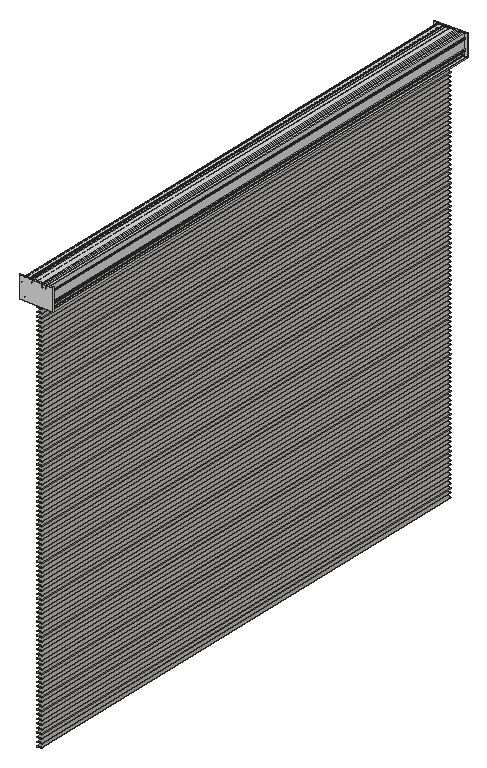
Revit family "BTBC121カーテン・ブラインド（別途）", category 一般モデル, Revit 2022
Family settings
  鉄筋をホスト可能 = いいえ
  丸型コネクタ寸法 = 直径を使用
  パーツ タイプ = 標準
  作業面ベース = はい
  常に垂直 = はい
  ロード時にボイドで切り取り = いいえ
  注釈の向きを維持 = いいえ
  共有 = いいえ
  部屋計算ポイント = いいえ
Parameters
  説明 = "㈱ツヅキ ボックストップ"
  製造元 = "㈱ツヅキ"
  色 = アルミニウム 6063S-T5 シルバー(R) (株)ツヅキ BT
  Default Elevation = 1219.2 mm
  ベネシャンブラインド表示/非表示 = yes
  ベネシャンブラインドスラット角度 = 0.00°
  バーチカルブラインド表示/非表示 = no
  カーテン開口率 = 50
  カーテン表示/非表示 = no
  カーテン・ブラインド長さ = L寸法 - 30 mm  # 2470 mm
  ブラインド スラット角度 = 15.00°
  カーテン・ブラインド高さ = 2021.2 mm
  カーテン・ブラインド 色 = ファブリック
  URL = "https://tuzuki.co.jp/cad/boxtop-cad/"
  L寸法 = 2500 mm
Reference planes
  plane 1 "中心(正面/背面)": y = 0
  plane 2: z = 0
  plane 3 "中心(左/右)": x = 0
  plane 4: y = -2500
  plane 5: x = -60
  plane 6: x = 60
  plane 7: y = -2502
  plane 8: y = 2
  plane 9: y = -2450
  plane 10 "カーテン取付レベル": z = 84.8
  plane 11: z = -1936.4
  plane 12: y = -2485
Forms (mm)
  Extrusion 1, solid, material "アルミニウム 6063S-T5 シルバー(R) (株)ツヅキ BT" <- "色"
    sketch origin (0, 0, 0) x (1, 0, 0) y (0, 0, 1)
      loop
        line (-80, 0) -> (80, 0) -> (80, 104.8) -> (-80, 104.8) -> (-80, 0)
    from 0 to -2
  Extrusion 2, solid, material "アルミニウム 6063S-T5 シルバー(R) (株)ツヅキ BT" <- "色"
    sketch origin (0, -1013.199, 0) x (1, 0, 0) y (0, 0, 1)
      loop
        line (-80, 0) -> (80, 0) -> (80, 104.8) -> (-80, 104.8) -> (-80, 0)
    from 1488.801 to 1486.801
  Extrusion 3, solid, material "アルミニウム 6063S-T5 シルバー(R) (株)ツヅキ BT" <- "色"
    sketch origin (0, 0, 0) x (1, 0, 0) y (0, 0, 1)
      loop
        line (38.35, 87.8) -> (38.35, 86.5) -> (44, 86.5) -> (44, 98.5) -> (58, 98.5)
        arc (58, 98.5) -> (59.414, 97.914) -> (60, 96.5) r 2
        line (60, 96.5) -> (60, 21.6) -> (58.7, 21.6) -> (56.2, 19.1) -> (56.2, 13.741) -> (58.334, 15.6) -> (57.4, 15.6) -> (57.4, 18.603) -> (59.197, 20.4) -> (60, 20.4) -> (60, 0) -> (69.876, 0) -> (80, 0) -> (80, 5) -> (77.5, 5)
        arc (77.5, 5) -> (77.113, 4.816) -> (77.01, 4.4) r 0.5
        arc (77.01, 4.4) -> (77.113, 3.984) -> (77.5, 3.8) r 0.5
        line (77.5, 3.8) -> (78.7, 3.8) -> (78.7, 1.4) -> (61.4, 1.4) -> (61.4, 3.8) -> (62.5, 3.8)
        arc (62.5, 3.8) -> (62.887, 3.984) -> (62.99, 4.4) r 0.5
        arc (62.99, 4.4) -> (62.887, 4.816) -> (62.5, 5) r 0.5
        line (62.5, 5) -> (61.4, 5) -> (61.4, 19.954)
        arc (61.4, 19.954) -> (61.668, 20.396) -> (62.184, 20.365) r 0.5
        arc (62.184, 20.365) -> (62.52, 20.163) -> (62.879, 20.003) r 3.2
        line (62.879, 20.003) -> (63.689, 19.7) -> (66, 19.7) -> (66, 21.649)
        arc (66, 21.649) -> (65.774, 21.969) -> (65.396, 21.864) r 0.34
        arc (65.396, 21.864) -> (63.977, 21.2) -> (62.575, 21.9) r 1.8
        line (62.575, 21.9) -> (61.5, 21.9) -> (61.5, 24.1) -> (62.575, 24.1)
        arc (62.575, 24.1) -> (63.977, 24.8) -> (65.396, 24.136) r 1.8
        arc (65.396, 24.136) -> (65.774, 24.031) -> (66, 24.351) r 0.34
        line (66, 24.351) -> (66, 33) -> (64.815, 33) -> (64.617, 26.682)
        arc (64.617, 26.682) -> (64.459, 26.334) -> (64.101, 26.198) r 0.5
        arc (64.101, 26.198) -> (63.147, 26.084) -> (62.27, 25.692) r 3.2
        arc (62.27, 25.692) -> (61.76, 25.674) -> (61.5, 26.113) r 0.5
        line (61.5, 26.113) -> (61.5, 73.587)
        arc (61.5, 73.587) -> (61.76, 74.026) -> (62.27, 74.008) r 0.5
        arc (62.27, 74.008) -> (64.166, 73.504) -> (66, 74.202) r 3.2
        line (66, 74.202) -> (66, 75.349)
        arc (66, 75.349) -> (65.774, 75.669) -> (65.396, 75.564) r 0.34
        arc (65.396, 75.564) -> (63.977, 74.9) -> (62.575, 75.6) r 1.8
        line (62.575, 75.6) -> (61.5, 75.6) -> (61.5, 77.8) -> (62.575, 77.8)
        arc (62.575, 77.8) -> (63.977, 78.5) -> (65.396, 77.836) r 1.8
        arc (65.396, 77.836) -> (65.774, 77.731) -> (66, 78.051) r 0.34
        line (66, 78.051) -> (66, 79.198)
        arc (66, 79.198) -> (64.166, 79.896) -> (62.27, 79.392) r 3.2
        arc (62.27, 79.392) -> (61.76, 79.374) -> (61.5, 79.813) r 0.5
        line (61.5, 79.813) -> (61.5, 98)
        arc (61.5, 98) -> (60.914, 99.414) -> (59.5, 100) r 2
        line (59.5, 100) -> (33, 100) -> (33, 104.8) -> (27, 104.8) -> (27, 103.5) -> (31.7, 103.5) -> (31.7, 100) -> (-31.7, 100) -> (-31.7, 103.5) -> (-27, 103.5) -> (-27, 104.8) -> (-33, 104.8) -> (-33, 100) -> (-59.5, 100)
        arc (-59.5, 100) -> (-60.914, 99.414) -> (-61.5, 98) r 2
        line (-61.5, 98) -> (-61.5, 79.813)
        arc (-61.5, 79.813) -> (-61.76, 79.374) -> (-62.27, 79.392) r 0.5
        arc (-62.27, 79.392) -> (-63.099, 79.77) -> (-64, 79.9) r 3.2
        line (-64, 79.9) -> (-71.4, 79.9)
        arc (-71.4, 79.9) -> (-71.975, 79.472) -> (-71.73, 78.799) r 0.6
        line (-71.73, 78.799) -> (-69.8, 77.529) -> (-69.8, 78.7) -> (-66.498, 78.7) -> (-65.992, 78.014)
        arc (-65.992, 78.014) -> (-65.767, 77.699) -> (-65.395, 77.809) r 0.334
        arc (-65.395, 77.809) -> (-63.982, 78.482) -> (-62.578, 77.79) r 1.793
        line (-62.578, 77.79) -> (-61.5, 77.79) -> (-61.5, 75.6) -> (-62.575, 75.6)
        arc (-62.575, 75.6) -> (-63.977, 74.9) -> (-65.396, 75.564) r 1.8
        arc (-65.396, 75.564) -> (-65.774, 75.669) -> (-66, 75.349) r 0.34
        line (-66, 75.349) -> (-66, 74.202)
        arc (-66, 74.202) -> (-64.166, 73.504) -> (-62.27, 74.008) r 3.2
        arc (-62.27, 74.008) -> (-61.76, 74.026) -> (-61.5, 73.587) r 0.5
        line (-61.5, 73.587) -> (-61.5, 26.113)
        arc (-61.5, 26.113) -> (-61.76, 25.674) -> (-62.27, 25.692) r 0.5
        arc (-62.27, 25.692) -> (-63.147, 26.084) -> (-64.101, 26.198) r 3.2
        arc (-64.101, 26.198) -> (-64.459, 26.334) -> (-64.617, 26.682) r 0.5
        line (-64.617, 26.682) -> (-64.815, 33) -> (-66, 33) -> (-66, 24.351)
        arc (-66, 24.351) -> (-65.774, 24.031) -> (-65.396, 24.136) r 0.34
        arc (-65.396, 24.136) -> (-63.977, 24.8) -> (-62.575, 24.1) r 1.8
        line (-62.575, 24.1) -> (-61.5, 24.1) -> (-61.5, 21.9) -> (-62.575, 21.9)
        arc (-62.575, 21.9) -> (-63.977, 21.2) -> (-65.396, 21.864) r 1.8
        arc (-65.396, 21.864) -> (-65.774, 21.969) -> (-66, 21.649) r 0.34
        line (-66, 21.649) -> (-66, 20.502)
        arc (-66, 20.502) -> (-64.115, 19.802) -> (-62.184, 20.365) r 3.2
        arc (-62.184, 20.365) -> (-61.668, 20.396) -> (-61.4, 19.954) r 0.5
        line (-61.4, 19.954) -> (-61.4, 5) -> (-62.5, 5)
        arc (-62.5, 5) -> (-62.887, 4.816) -> (-62.99, 4.4) r 0.5
        arc (-62.99, 4.4) -> (-62.887, 3.984) -> (-62.5, 3.8) r 0.5
        line (-62.5, 3.8) -> (-61.4, 3.8) -> (-61.4, 1.4) -> (-78.7, 1.4) -> (-78.7, 3.8) -> (-77.5, 3.8)
        arc (-77.5, 3.8) -> (-77.113, 3.984) -> (-77.01, 4.4) r 0.5
        arc (-77.01, 4.4) -> (-77.113, 4.816) -> (-77.5, 5) r 0.5
        line (-77.5, 5) -> (-80, 5) -> (-80, 0) -> (-70.277, 0) -> (-60, 0) -> (-60, 20.4) -> (-59.197, 20.4) -> (-57.4, 18.603) -> (-57.4, 15.6) -> (-58.334, 15.6) -> (-56.2, 13.741) -> (-56.2, 19.1) -> (-58.7, 21.6) -> (-60, 21.6) -> (-60, 96.5)
        arc (-60, 96.5) -> (-59.414, 97.914) -> (-58, 98.5) r 2
        line (-58, 98.5) -> (-25, 98.5) -> (-25, 86.5) -> (-19.35, 86.5) -> (-19.35, 87.8) -> (-23.7, 87.8) -> (-23.7, 98.5) -> (-7.3, 98.5) -> (-7.3, 87.8) -> (-11.65, 87.8) -> (-11.65, 86.5) -> (3, 86.5) -> (3, 87.8) -> (-6, 87.8) -> (-6, 98.5) -> (25, 98.5) -> (25, 87.8) -> (16, 87.8) -> (16, 86.5) -> (30.65, 86.5) -> (30.65, 87.8) -> (26.3, 87.8) -> (26.3, 98.5) -> (42.7, 98.5) -> (42.7, 87.8) -> (38.35, 87.8)
    from 0 to 2500
Dimensions and locks
  equal spacing: plane 6, plane 3 "中心(左/右)", plane 5
  plane 6 to plane 5 = 120 mm
  "L寸法": plane 4 to plane 1 "中心(正面/背面)"  (x2)
  locked: plane 4 to plane 7 at 2
  locked: plane 1 "中心(正面/背面)" to plane 8 at 2
  locked: plane 4 to plane 9 at 50
  "カーテン・ブラインド高さ": plane 10 "カーテン取付レベル" to plane 11
  locked: plane 4 to plane 12 at 15
  aligned and locked: level to plane 2
  aligned and locked: Extrusion 2 to plane 4
  aligned and locked: plane 1 "中心(正面/背面)" to Extrusion 1
  aligned and locked: plane 8 to Extrusion 1
  aligned and locked: plane 7 to Extrusion 2
  aligned and locked: nested 1 to plane 3 "中心(左/右)"
  aligned and locked: plane 10 "カーテン取付レベル" to nested 1
  aligned and locked: nested 1 to plane 9
  aligned and locked: plane 12 to nested 2
  aligned and locked: plane 10 "カーテン取付レベル" to nested 2
  aligned and locked: plane 11 to nested 2
  aligned and locked: nested 2 to plane 3 "中心(左/右)"
  aligned and locked: plane 10 "カーテン取付レベル" to nested 3
  aligned and locked: nested 3 to plane 12
  aligned and locked: Extrusion 3 to plane 1 "中心(正面/背面)"
  aligned and locked: plane 4 to Extrusion 3
Automatic sketch dimensions
  Extrusion 1 sketch curve to level = 0 mm
  Extrusion 1 sketch curve to plane 5 = 20 mm
  plane 6 to Extrusion 1 sketch curve = 20 mm
  level to Extrusion 1 sketch curve = 104.8 mm
  Extrusion 2 sketch curve to level = 0 mm
  Extrusion 2 sketch curve to plane 5 = 20 mm
  plane 6 to Extrusion 2 sketch curve = 20 mm
  level to Extrusion 2 sketch curve = 104.8 mm
  Extrusion 3 sketch curve to Extrusion 3 sketch curve = 0 mm  (x34)
  Extrusion 3 sketch curve to level = 0 mm  (x2)
  Extrusion 3 sketch curve to plane 5 = 0 mm  (x2)
  Extrusion 3 sketch curve to plane 6 = 0 mm  (x2)
  Extrusion 3 sketch curve to plane 5 = 1.4 mm
  Extrusion 3 sketch curve to plane 5 = 1.5 mm  (x4)
  Extrusion 3 sketch curve to Extrusion 3 sketch curve = 0.5 mm  (x15)
  Extrusion 3 sketch curve to Extrusion 3 sketch curve = 1.1 mm  (x7)
  Extrusion 3 sketch curve to Extrusion 3 sketch curve = 1.075 mm  (x7)
  Extrusion 3 sketch curve to Extrusion 3 sketch curve = 1.078 mm
  Extrusion 3 sketch curve to Extrusion 3 sketch curve = 1.419 mm
  Extrusion 3 sketch curve to Extrusion 3 sketch curve = 1.425 mm  (x3)
  Extrusion 3 sketch curve to Extrusion 3 sketch curve = 0.006 mm
  Extrusion 3 sketch curve to Extrusion 3 sketch curve = 2.117 mm  (x2)
  Extrusion 3 sketch curve to Extrusion 3 sketch curve = 1.658 mm
  Extrusion 3 sketch curve to Extrusion 3 sketch curve = 1.66 mm  (x6)
  Extrusion 3 sketch curve to Extrusion 3 sketch curve = 1.666 mm
  Extrusion 3 sketch curve to Extrusion 3 sketch curve = 0.334 mm
  Extrusion 3 sketch curve to Extrusion 3 sketch curve = 0.34 mm  (x7)
  Extrusion 3 sketch curve to Extrusion 3 sketch curve = 0.506 mm
  Extrusion 3 sketch curve to Extrusion 3 sketch curve = 3.302 mm
  Extrusion 3 sketch curve to Extrusion 3 sketch curve = 1.6 mm
  Extrusion 3 sketch curve to plane 10 "カーテン取付レベル" = 6.001 mm
  Extrusion 3 sketch curve to Extrusion 3 sketch curve = 0.33 mm
  level to Extrusion 3 sketch curve = 5 mm  (x2)
  Extrusion 3 sketch curve to Extrusion 3 sketch curve = 15 mm  (x2)
  Extrusion 3 sketch curve to Extrusion 3 sketch curve = 1.2 mm  (x9)
  Extrusion 3 sketch curve to Extrusion 3 sketch curve = 1.3 mm  (x14)
  plane 5 to Extrusion 3 sketch curve = 0.5 mm
  plane 5 to Extrusion 3 sketch curve = 0.803 mm
  Extrusion 3 sketch curve to Extrusion 3 sketch curve = 0.497 mm  (x3)
  plane 5 to Extrusion 3 sketch curve = 1.666 mm
  Extrusion 3 sketch curve to Extrusion 3 sketch curve = 1.5 mm  (x4)
  Extrusion 3 sketch curve to Extrusion 3 sketch curve = 1.797 mm
  Extrusion 3 sketch curve to Extrusion 3 sketch curve = 25 mm
  Extrusion 3 sketch curve to Extrusion 3 sketch curve = 4.7 mm
  plane 10 "カーテン取付レベル" to Extrusion 3 sketch curve = 1.7 mm  (x4)
  Extrusion 3 sketch curve to Extrusion 3 sketch curve = 6.7 mm
  Extrusion 3 sketch curve to Extrusion 3 sketch curve = 4.35 mm  (x3)
  Extrusion 3 sketch curve to Extrusion 3 sketch curve = 7.7 mm  (x2)
  Extrusion 3 sketch curve to plane 3 "中心(左/右)" = 7.3 mm
  plane 3 "中心(左/右)" to Extrusion 3 sketch curve = 3 mm
  Extrusion 3 sketch curve to Extrusion 3 sketch curve = 13 mm
  Extrusion 3 sketch curve to Extrusion 3 sketch curve = 9 mm
  Extrusion 3 sketch curve to Extrusion 3 sketch curve = 0.7 mm
  Extrusion 3 sketch curve to Extrusion 3 sketch curve = 5.4 mm
  Extrusion 3 sketch curve to plane 6 = 3.8 mm
  Extrusion 3 sketch curve to plane 6 = 2 mm
  Extrusion 3 sketch curve to Extrusion 3 sketch curve = 0.934 mm
  Extrusion 3 sketch curve to Extrusion 3 sketch curve = 0.803 mm
  Extrusion 3 sketch curve to plane 6 = 0.5 mm
  plane 6 to Extrusion 3 sketch curve = 1.4 mm
  plane 6 to Extrusion 3 sketch curve = 1.5 mm  (x4)
  Extrusion 3 sketch curve to Extrusion 3 sketch curve = 0.979 mm
  Extrusion 3 sketch curve to Extrusion 3 sketch curve = 0.81 mm
  plane 6 to Extrusion 3 sketch curve = 4.815 mm
  level to Extrusion 3 sketch curve = 1.4 mm  (x2)
  Extrusion 3 sketch curve to Extrusion 3 sketch curve = 2.4 mm  (x2)
  Extrusion 3 sketch curve to Extrusion 3 sketch curve = 0.2 mm  (x4)
  Extrusion 3 sketch curve to Extrusion 3 sketch curve = 8.741 mm  (x2)
  Extrusion 3 sketch curve to Extrusion 3 sketch curve = 1.859 mm  (x2)
  Extrusion 3 sketch curve to Extrusion 3 sketch curve = 3.003 mm  (x2)
  Extrusion 3 sketch curve to Extrusion 3 sketch curve = 1.097 mm
  Extrusion 3 sketch curve to Extrusion 3 sketch curve = 0.254 mm
  Extrusion 3 sketch curve to Extrusion 3 sketch curve = 1.351 mm  (x4)
  Extrusion 3 sketch curve to Extrusion 3 sketch curve = 0.303 mm
  Extrusion 3 sketch curve to Extrusion 3 sketch curve = 0.446 mm  (x2)
  Extrusion 3 sketch curve to Extrusion 3 sketch curve = 0.548 mm
  Extrusion 3 sketch curve to Extrusion 3 sketch curve = 1.147 mm  (x4)
  Extrusion 3 sketch curve to Extrusion 3 sketch curve = 1.949 mm
  Extrusion 3 sketch curve to Extrusion 3 sketch curve = 1.946 mm
  Extrusion 3 sketch curve to Extrusion 3 sketch curve = 1.897 mm
  Extrusion 3 sketch curve to Extrusion 3 sketch curve = 2.2 mm
  Extrusion 3 sketch curve to Extrusion 3 sketch curve = 2.013 mm  (x5)
  Extrusion 3 sketch curve to Extrusion 3 sketch curve = 0.99 mm  (x2)
  Extrusion 3 sketch curve to Extrusion 3 sketch curve = 0.016 mm  (x2)
  Extrusion 3 sketch curve to Extrusion 3 sketch curve = 6.318 mm  (x2)
  Extrusion 3 sketch curve to plane 10 "カーテン取付レベル" = 11.213 mm  (x2)
  Extrusion 3 sketch curve to Extrusion 3 sketch curve = 0.615 mm  (x2)
  Extrusion 3 sketch curve to Extrusion 3 sketch curve = 1.089 mm
  Extrusion 3 sketch curve to Extrusion 3 sketch curve = 0.011 mm
  Extrusion 3 sketch curve to Extrusion 3 sketch curve = 1.27 mm
  Extrusion 3 sketch curve to Extrusion 3 sketch curve = 2.19 mm
  Extrusion 3 sketch curve to Extrusion 3 sketch curve = 1.314 mm
  Extrusion 3 sketch curve to Extrusion 3 sketch curve = 1.171 mm
  Extrusion 3 sketch curve to Extrusion 3 sketch curve = 0.501 mm
  Extrusion 3 sketch curve to Extrusion 3 sketch curve = 2.023 mm
  plane 10 "カーテン取付レベル" to Extrusion 3 sketch curve = 3 mm  (x2)
  plane 10 "カーテン取付レベル" to Extrusion 3 sketch curve = 11.7 mm  (x2)
  Extrusion 3 sketch curve to Extrusion 3 sketch curve = 5 mm  (x2)
  Extrusion 3 sketch curve to Extrusion 3 sketch curve = 1.185 mm
  Extrusion 3 sketch curve to Extrusion 3 sketch curve = 7.287 mm
  Extrusion 3 sketch curve to Extrusion 3 sketch curve = 6.886 mm
Nested families
  nested 1: "バーチカルブラインド（別途）" at (0, -2450, 84.8) x (-1, 0, 0) z (0, 0, -1), type "バーチカルブラインド（別途）"
    with 表示・非表示 no, ブラインド長さ 2470 mm, スラット高さ 2021.2 mm, スラット枚数 25
  nested 2: "カーテン（別途）" at (0, -2485, 84.8) x (0, 1, 0) z (0, 0, 1), type "カーテン（別途）"
    with 開口率 調整 50, 開口率 50, 長さ 2470 mm, カーテン高さ 2021.2 mm, カーテン表示 no, カーテン畳み代 1235 mm, カーテン幅 100 mm
  nested 3: "ベネシャンブラインド（別途）" at (0, -15, 84.8) x (-1, 0, 0) z (0, 0, 1), visible <- "ベネシャンブラインド表示/非表示", type "ベネシャンブラインド（別途）"
    with ブラインド高さ 2021.2 mm, ブラインド長さ 2470 mm, スラット角度 0.00°, スラット枚数 99
Definition of nested family "ベネシャンブラインド（別途）"
  Parameters (values of type "ベネシャンブラインド（別途）")
    スラットピッチ = 20 mm
    表示非表示 = yes
    ブラインド高さ = 2000 mm
    ブラインド長さ = 1200 mm
    スラット角度 = 60.00°
    Default Elevation = 0 mm
    スラット色 = none
    スラット枚数 = (ブラインド高さ - 50 mm) / スラットピッチ  # 98
  Reference planes
    plane 1 "中心(正面/背面)": y = 0
    plane 2: z = 0
    plane 3 "中心(左/右)": x = 0
    plane 4: y = 1200
    plane 5: z = -44.577
    plane 6: z = -64.577
    plane 7: z = -84.577
    plane 8: z = -104.577
    plane 9: z = -124.577
    plane 10: z = -144.577
    plane 11: z = -164.577
    plane 12: z = -184.577
    plane 13: z = -204.577
    plane 14: z = -224.577
    plane 15: z = -244.577
    plane 16: z = -264.577
    plane 17: z = -284.577
    plane 18: z = -304.577
    plane 19: z = -324.577
    plane 20: z = -344.577
    plane 21: z = -364.577
    plane 22: z = -384.577
    plane 23: z = -404.577
    plane 24: z = -424.577
    plane 25: z = -444.577
    plane 26: z = -464.577
    plane 27: z = -484.577
    plane 28: z = -504.577
    plane 29: z = -524.577
    plane 30: z = -544.577
    plane 31: z = -564.577
    plane 32: z = -584.577
    plane 33: z = -604.577
    plane 34: z = -624.577
    plane 35: z = -644.577
    plane 36: z = -664.577
    plane 37: z = -684.577
    plane 38: z = -704.577
    plane 39: z = -724.577
    plane 40: z = -744.577
    plane 41: z = -764.577
    plane 42: z = -784.577
    plane 43: z = -804.577
    plane 44: z = -824.577
    plane 45: z = -844.577
    plane 46: z = -864.577
    plane 47: z = -884.577
    plane 48: z = -904.577
    plane 49: z = -924.577
    plane 50: z = -944.577
    plane 51: z = -964.577
    plane 52: z = -984.577
    plane 53: z = -1004.577
    plane 54: z = -1024.577
    plane 55: z = -1044.577
    plane 56: z = -1064.577
    plane 57: z = -1084.577
    plane 58: z = -1104.577
    plane 59: z = -1124.577
    plane 60: z = -1144.577
    plane 61: z = -1164.577
    plane 62: z = -1184.577
    plane 63: z = -1204.577
    plane 64: z = -1224.577
    plane 65: z = -1244.577
    plane 66: z = -1264.577
    plane 67: z = -1284.577
    plane 68: z = -1304.577
    plane 69: z = -1324.577
    plane 70: z = -1344.577
    plane 71: z = -1364.577
    plane 72: z = -1384.577
    plane 73: z = -1404.577
    plane 74: z = -1424.577
    plane 75: z = -1444.577
    plane 76: z = -1464.577
    plane 77: z = -1484.577
    plane 78: z = -1504.577
    plane 79: z = -1524.577
    plane 80: z = -1544.577
    plane 81: z = -1564.577
    plane 82: z = -1584.577
    plane 83: z = -1604.577
    plane 84: z = -1624.577
    plane 85: z = -1644.577
    plane 86: z = -1664.577
    plane 87: z = -1684.577
    plane 88: z = -1704.577
    plane 89: z = -1724.577
    plane 90: z = -1744.577
    plane 91: z = -1764.577
    plane 92: z = -1784.577
    plane 93: z = -1804.577
    plane 94: z = -1824.577
    plane 95: z = -1844.577
    plane 96: z = -1864.577
    plane 97: z = -1884.577
    plane 98: z = -1904.577
    plane 99: z = -1924.577
    plane 100: z = -1944.577
    plane 101: z = -1964.577
    plane 102: z = -1984.577
  Forms (mm)
    Extrusion 1, solid, material <- "スラット色", visible <- "表示非表示"
      sketch origin (0, 0, 0) x (1, 0, 0) y (0, 0, 1)
        loop
          line (-27, 0) -> (-27, -37) -> (27, -37) -> (27, 0) -> (-27, 0)
      from -1200 to 0
  Dimensions and locks
    equal spacing: group 1, group 2, group 3, group 4, group 5, group 6, group 7, group 8, group 9, group 10, group 11, group 12, group 13, group 14, group 15, group 16, group 17, group 18, group 19, group 20, group 21, group 22, group 23, group 24, group 25, group 26, group 27, group 28, group 29, group 30, group 31, group 32, group 33, group 34, group 35, group 36, group 37, group 38, group 39, group 40, group 41, group 42, group 43, group 44, group 45, group 46, group 47, group 48, group 49, group 50, group 51, group 52, group 53, group 54, group 55, group 56, group 57, group 58, group 59, group 60, group 61, group 62, group 63, group 64, group 65, group 66, group 67, group 68, group 69, group 70, group 71, group 72, group 73, group 74, group 75, group 76, group 77, group 78, group 79, group 80, group 81, group 82, group 83, group 84, group 85, group 86, group 87, group 88, group 89, group 90, group 91, group 92, group 93, group 94, group 95, group 96, group 97, group 98  (x2)
    equal spacing: group 98, group 97, group 96, group 95, group 94, group 93, group 92, group 91, group 90, group 89, group 88, group 87, group 86, group 85, group 84, group 83, group 82, group 81, group 80, group 79, group 78, group 77, group 76, group 75, group 74, group 73, group 72, group 71, group 70, group 69, group 68, group 67, group 66, group 65, group 64, group 63, group 62, group 61, group 60, group 59, group 58, group 57, group 56, group 55, group 54, group 53, group 52, group 51, group 50, group 49, group 48, group 47, group 46, group 45, group 44, group 43, group 42, group 41, group 40, group 39, group 38, group 37, group 36, group 35, group 34, group 33, group 32, group 31, group 30, group 29, group 28, group 27, group 26, group 25, group 24, group 23, group 22, group 21, group 20, group 19, group 18, group 17, group 16, group 15, group 14, group 13, group 12, group 11, group 10, group 9, group 8, group 7, group 6, group 5, group 4, group 3, group 2, group 1
    "ブラインド長さ": plane 1 "中心(正面/背面)" to plane 4
    "スラットピッチ": plane 5 to plane 6
    aligned and locked: level to plane 2
    aligned and locked: nested 1 to plane 4
    aligned and locked: nested 1 to Extrusion 1
    aligned and locked: plane 1 "中心(正面/背面)" to Extrusion 1
    aligned and locked: Extrusion 1 to plane 1 "中心(正面/背面)"
    aligned and locked: Extrusion 1 to plane 4
    aligned and locked: nested 1 to plane 5
    aligned and locked: nested 2 to plane 6
    aligned and locked: nested 3 to plane 7
    aligned and locked: nested 4 to plane 8
    aligned and locked: nested 5 to plane 9
    aligned and locked: nested 6 to plane 10
    aligned and locked: nested 7 to plane 11
    aligned and locked: nested 8 to plane 12
    aligned and locked: nested 9 to plane 13
    aligned and locked: nested 10 to plane 14
    aligned and locked: nested 11 to plane 15
    aligned and locked: nested 12 to plane 16
    aligned and locked: nested 13 to plane 17
    aligned and locked: nested 14 to plane 18
    aligned and locked: nested 15 to plane 19
    aligned and locked: nested 16 to plane 20
    aligned and locked: nested 17 to plane 21
    aligned and locked: nested 18 to plane 22
    aligned and locked: nested 19 to plane 23
    aligned and locked: nested 20 to plane 24
    aligned and locked: nested 21 to plane 25
    aligned and locked: nested 22 to plane 26
    aligned and locked: nested 23 to plane 27
    aligned and locked: nested 24 to plane 28
    aligned and locked: nested 25 to plane 29
    aligned and locked: nested 26 to plane 30
    aligned and locked: nested 27 to plane 31
    aligned and locked: nested 28 to plane 32
    aligned and locked: nested 29 to plane 33
    aligned and locked: nested 30 to plane 34
    aligned and locked: nested 31 to plane 35
    aligned and locked: nested 32 to plane 36
    aligned and locked: nested 33 to plane 37
    aligned and locked: nested 34 to plane 38
    aligned and locked: nested 35 to plane 39
    aligned and locked: nested 36 to plane 40
    aligned and locked: nested 37 to plane 41
    aligned and locked: nested 38 to plane 42
    aligned and locked: nested 39 to plane 43
    aligned and locked: nested 40 to plane 44
    aligned and locked: nested 41 to plane 45
    aligned and locked: nested 42 to plane 46
    aligned and locked: nested 43 to plane 47
    aligned and locked: nested 44 to plane 48
    aligned and locked: nested 45 to plane 49
    aligned and locked: nested 46 to plane 50
    aligned and locked: nested 47 to plane 51
    aligned and locked: nested 48 to plane 52
    aligned and locked: nested 49 to plane 53
    aligned and locked: nested 50 to plane 54
    aligned and locked: nested 51 to plane 55
    aligned and locked: nested 52 to plane 56
    aligned and locked: nested 53 to plane 57
    aligned and locked: nested 54 to plane 58
    aligned and locked: nested 55 to plane 59
    aligned and locked: nested 56 to plane 60
    aligned and locked: nested 57 to plane 61
    aligned and locked: nested 58 to plane 62
    aligned and locked: nested 59 to plane 63
    aligned and locked: nested 60 to plane 64
    aligned and locked: nested 61 to plane 65
    aligned and locked: nested 62 to plane 66
    aligned and locked: nested 63 to plane 67
    aligned and locked: nested 64 to plane 68
    aligned and locked: nested 65 to plane 69
    aligned and locked: nested 66 to plane 70
    aligned and locked: nested 67 to plane 71
    aligned and locked: nested 68 to plane 72
    aligned and locked: nested 69 to plane 73
    aligned and locked: nested 70 to plane 74
    aligned and locked: nested 71 to plane 75
    aligned and locked: nested 72 to plane 76
    aligned and locked: nested 73 to plane 77
    aligned and locked: nested 74 to plane 78
    aligned and locked: nested 75 to plane 79
    aligned and locked: nested 76 to plane 80
    aligned and locked: nested 77 to plane 81
    aligned and locked: nested 78 to plane 82
    aligned and locked: nested 79 to plane 83
    aligned and locked: nested 80 to plane 84
    aligned and locked: nested 81 to plane 85
    aligned and locked: nested 82 to plane 86
    aligned and locked: nested 83 to plane 87
    aligned and locked: nested 84 to plane 88
    aligned and locked: nested 85 to plane 89
    aligned and locked: nested 86 to plane 90
    aligned and locked: nested 87 to plane 91
    aligned and locked: nested 88 to plane 92
    aligned and locked: nested 89 to plane 93
    aligned and locked: nested 90 to plane 94
    aligned and locked: nested 91 to plane 95
    aligned and locked: nested 92 to plane 96
    aligned and locked: nested 93 to plane 97
    aligned and locked: nested 94 to plane 98
    aligned and locked: nested 95 to plane 99
    aligned and locked: nested 96 to plane 100
    aligned and locked: nested 97 to plane 101
    aligned and locked: nested 98 to plane 102
  Automatic sketch dimensions
    Extrusion 1 sketch curve to level = 0 mm
    Extrusion 1 sketch curve to plane 3 "中心(左/右)" = 27 mm
    plane 3 "中心(左/右)" to Extrusion 1 sketch curve = 27 mm
    Extrusion 1 sketch curve to level = 37 mm
  Nested families
    nested 1: "スラットB" at (0, 0, -55.414), visible <- "表示非表示", type "スラットB"
      with 角度 60.00°, スラット長さ 1200 mm
    nested 2: "スラットB" at (0, 0, -75.414), visible <- "表示非表示", type "スラットB"
      with 角度 60.00°, スラット長さ 1200 mm
    nested 3: "スラットB" at (0, 0, -95.414), visible <- "表示非表示", type "スラットB"
      with 角度 60.00°, スラット長さ 1200 mm
    nested 4: "スラットB" at (0, 0, -115.414), visible <- "表示非表示", type "スラットB"
      with 角度 60.00°, スラット長さ 1200 mm
    nested 5: "スラットB" at (0, 0, -135.414), visible <- "表示非表示", type "スラットB"
      with 角度 60.00°, スラット長さ 1200 mm
    nested 6: "スラットB" at (0, 0, -155.414), visible <- "表示非表示", type "スラットB"
      with 角度 60.00°, スラット長さ 1200 mm
    nested 7: "スラットB" at (0, 0, -175.414), visible <- "表示非表示", type "スラットB"
      with 角度 60.00°, スラット長さ 1200 mm
    nested 8: "スラットB" at (0, 0, -195.414), visible <- "表示非表示", type "スラットB"
      with 角度 60.00°, スラット長さ 1200 mm
    nested 9: "スラットB" at (0, 0, -215.414), visible <- "表示非表示", type "スラットB"
      with 角度 60.00°, スラット長さ 1200 mm
    nested 10: "スラットB" at (0, 0, -235.414), visible <- "表示非表示", type "スラットB"
      with 角度 60.00°, スラット長さ 1200 mm
    nested 11: "スラットB" at (0, 0, -255.414), visible <- "表示非表示", type "スラットB"
      with 角度 60.00°, スラット長さ 1200 mm
    nested 12: "スラットB" at (0, 0, -275.414), visible <- "表示非表示", type "スラットB"
      with 角度 60.00°, スラット長さ 1200 mm
    nested 13: "スラットB" at (0, 0, -295.414), visible <- "表示非表示", type "スラットB"
      with 角度 60.00°, スラット長さ 1200 mm
    nested 14: "スラットB" at (0, 0, -315.414), visible <- "表示非表示", type "スラットB"
      with 角度 60.00°, スラット長さ 1200 mm
    nested 15: "スラットB" at (0, 0, -335.414), visible <- "表示非表示", type "スラットB"
      with 角度 60.00°, スラット長さ 1200 mm
    nested 16: "スラットB" at (0, 0, -355.414), visible <- "表示非表示", type "スラットB"
      with 角度 60.00°, スラット長さ 1200 mm
    nested 17: "スラットB" at (0, 0, -375.414), visible <- "表示非表示", type "スラットB"
      with 角度 60.00°, スラット長さ 1200 mm
    nested 18: "スラットB" at (0, 0, -395.414), visible <- "表示非表示", type "スラットB"
      with 角度 60.00°, スラット長さ 1200 mm
    nested 19: "スラットB" at (0, 0, -415.414), visible <- "表示非表示", type "スラットB"
      with 角度 60.00°, スラット長さ 1200 mm
    nested 20: "スラットB" at (0, 0, -435.414), visible <- "表示非表示", type "スラットB"
      with 角度 60.00°, スラット長さ 1200 mm
    nested 21: "スラットB" at (0, 0, -455.414), visible <- "表示非表示", type "スラットB"
      with 角度 60.00°, スラット長さ 1200 mm
    nested 22: "スラットB" at (0, 0, -475.414), visible <- "表示非表示", type "スラットB"
      with 角度 60.00°, スラット長さ 1200 mm
    nested 23: "スラットB" at (0, 0, -495.414), visible <- "表示非表示", type "スラットB"
      with 角度 60.00°, スラット長さ 1200 mm
    nested 24: "スラットB" at (0, 0, -515.414), visible <- "表示非表示", type "スラットB"
      with 角度 60.00°, スラット長さ 1200 mm
    nested 25: "スラットB" at (0, 0, -535.414), visible <- "表示非表示", type "スラットB"
      with 角度 60.00°, スラット長さ 1200 mm
    nested 26: "スラットB" at (0, 0, -555.414), visible <- "表示非表示", type "スラットB"
      with 角度 60.00°, スラット長さ 1200 mm
    nested 27: "スラットB" at (0, 0, -575.414), visible <- "表示非表示", type "スラットB"
      with 角度 60.00°, スラット長さ 1200 mm
    nested 28: "スラットB" at (0, 0, -595.414), visible <- "表示非表示", type "スラットB"
      with 角度 60.00°, スラット長さ 1200 mm
    nested 29: "スラットB" at (0, 0, -615.414), visible <- "表示非表示", type "スラットB"
      with 角度 60.00°, スラット長さ 1200 mm
    nested 30: "スラットB" at (0, 0, -635.414), visible <- "表示非表示", type "スラットB"
      with 角度 60.00°, スラット長さ 1200 mm
    nested 31: "スラットB" at (0, 0, -655.414), visible <- "表示非表示", type "スラットB"
      with 角度 60.00°, スラット長さ 1200 mm
    nested 32: "スラットB" at (0, 0, -675.414), visible <- "表示非表示", type "スラットB"
      with 角度 60.00°, スラット長さ 1200 mm
    nested 33: "スラットB" at (0, 0, -695.414), visible <- "表示非表示", type "スラットB"
      with 角度 60.00°, スラット長さ 1200 mm
    nested 34: "スラットB" at (0, 0, -715.414), visible <- "表示非表示", type "スラットB"
      with 角度 60.00°, スラット長さ 1200 mm
    nested 35: "スラットB" at (0, 0, -735.414), visible <- "表示非表示", type "スラットB"
      with 角度 60.00°, スラット長さ 1200 mm
    nested 36: "スラットB" at (0, 0, -755.414), visible <- "表示非表示", type "スラットB"
      with 角度 60.00°, スラット長さ 1200 mm
    nested 37: "スラットB" at (0, 0, -775.414), visible <- "表示非表示", type "スラットB"
      with 角度 60.00°, スラット長さ 1200 mm
    nested 38: "スラットB" at (0, 0, -795.414), visible <- "表示非表示", type "スラットB"
      with 角度 60.00°, スラット長さ 1200 mm
    nested 39: "スラットB" at (0, 0, -815.414), visible <- "表示非表示", type "スラットB"
      with 角度 60.00°, スラット長さ 1200 mm
    nested 40: "スラットB" at (0, 0, -835.414), visible <- "表示非表示", type "スラットB"
      with 角度 60.00°, スラット長さ 1200 mm
    nested 41: "スラットB" at (0, 0, -855.414), visible <- "表示非表示", type "スラットB"
      with 角度 60.00°, スラット長さ 1200 mm
    nested 42: "スラットB" at (0, 0, -875.414), visible <- "表示非表示", type "スラットB"
      with 角度 60.00°, スラット長さ 1200 mm
    nested 43: "スラットB" at (0, 0, -895.414), visible <- "表示非表示", type "スラットB"
      with 角度 60.00°, スラット長さ 1200 mm
    nested 44: "スラットB" at (0, 0, -915.414), visible <- "表示非表示", type "スラットB"
      with 角度 60.00°, スラット長さ 1200 mm
    nested 45: "スラットB" at (0, 0, -935.414), visible <- "表示非表示", type "スラットB"
      with 角度 60.00°, スラット長さ 1200 mm
    nested 46: "スラットB" at (0, 0, -955.414), visible <- "表示非表示", type "スラットB"
      with 角度 60.00°, スラット長さ 1200 mm
    nested 47: "スラットB" at (0, 0, -975.414), visible <- "表示非表示", type "スラットB"
      with 角度 60.00°, スラット長さ 1200 mm
    nested 48: "スラットB" at (0, 0, -995.414), visible <- "表示非表示", type "スラットB"
      with 角度 60.00°, スラット長さ 1200 mm
    nested 49: "スラットB" at (0, 0, -1015.414), visible <- "表示非表示", type "スラットB"
      with 角度 60.00°, スラット長さ 1200 mm
    nested 50: "スラットB" at (0, 0, -1035.414), visible <- "表示非表示", type "スラットB"
      with 角度 60.00°, スラット長さ 1200 mm
    nested 51: "スラットB" at (0, 0, -1055.414), visible <- "表示非表示", type "スラットB"
      with 角度 60.00°, スラット長さ 1200 mm
    nested 52: "スラットB" at (0, 0, -1075.414), visible <- "表示非表示", type "スラットB"
      with 角度 60.00°, スラット長さ 1200 mm
    nested 53: "スラットB" at (0, 0, -1095.414), visible <- "表示非表示", type "スラットB"
      with 角度 60.00°, スラット長さ 1200 mm
    nested 54: "スラットB" at (0, 0, -1115.414), visible <- "表示非表示", type "スラットB"
      with 角度 60.00°, スラット長さ 1200 mm
    nested 55: "スラットB" at (0, 0, -1135.414), visible <- "表示非表示", type "スラットB"
      with 角度 60.00°, スラット長さ 1200 mm
    nested 56: "スラットB" at (0, 0, -1155.414), visible <- "表示非表示", type "スラットB"
      with 角度 60.00°, スラット長さ 1200 mm
    nested 57: "スラットB" at (0, 0, -1175.414), visible <- "表示非表示", type "スラットB"
      with 角度 60.00°, スラット長さ 1200 mm
    nested 58: "スラットB" at (0, 0, -1195.414), visible <- "表示非表示", type "スラットB"
      with 角度 60.00°, スラット長さ 1200 mm
    nested 59: "スラットB" at (0, 0, -1215.414), visible <- "表示非表示", type "スラットB"
      with 角度 60.00°, スラット長さ 1200 mm
    nested 60: "スラットB" at (0, 0, -1235.414), visible <- "表示非表示", type "スラットB"
      with 角度 60.00°, スラット長さ 1200 mm
    nested 61: "スラットB" at (0, 0, -1255.414), visible <- "表示非表示", type "スラットB"
      with 角度 60.00°, スラット長さ 1200 mm
    nested 62: "スラットB" at (0, 0, -1275.414), visible <- "表示非表示", type "スラットB"
      with 角度 60.00°, スラット長さ 1200 mm
    nested 63: "スラットB" at (0, 0, -1295.414), visible <- "表示非表示", type "スラットB"
      with 角度 60.00°, スラット長さ 1200 mm
    nested 64: "スラットB" at (0, 0, -1315.414), visible <- "表示非表示", type "スラットB"
      with 角度 60.00°, スラット長さ 1200 mm
    nested 65: "スラットB" at (0, 0, -1335.414), visible <- "表示非表示", type "スラットB"
      with 角度 60.00°, スラット長さ 1200 mm
    nested 66: "スラットB" at (0, 0, -1355.414), visible <- "表示非表示", type "スラットB"
      with 角度 60.00°, スラット長さ 1200 mm
    nested 67: "スラットB" at (0, 0, -1375.414), visible <- "表示非表示", type "スラットB"
      with 角度 60.00°, スラット長さ 1200 mm
    nested 68: "スラットB" at (0, 0, -1395.414), visible <- "表示非表示", type "スラットB"
      with 角度 60.00°, スラット長さ 1200 mm
    nested 69: "スラットB" at (0, 0, -1415.414), visible <- "表示非表示", type "スラットB"
      with 角度 60.00°, スラット長さ 1200 mm
    nested 70: "スラットB" at (0, 0, -1435.414), visible <- "表示非表示", type "スラットB"
      with 角度 60.00°, スラット長さ 1200 mm
    nested 71: "スラットB" at (0, 0, -1455.414), visible <- "表示非表示", type "スラットB"
      with 角度 60.00°, スラット長さ 1200 mm
    nested 72: "スラットB" at (0, 0, -1475.414), visible <- "表示非表示", type "スラットB"
      with 角度 60.00°, スラット長さ 1200 mm
    nested 73: "スラットB" at (0, 0, -1495.414), visible <- "表示非表示", type "スラットB"
      with 角度 60.00°, スラット長さ 1200 mm
    nested 74: "スラットB" at (0, 0, -1515.414), visible <- "表示非表示", type "スラットB"
      with 角度 60.00°, スラット長さ 1200 mm
    nested 75: "スラットB" at (0, 0, -1535.414), visible <- "表示非表示", type "スラットB"
      with 角度 60.00°, スラット長さ 1200 mm
    nested 76: "スラットB" at (0, 0, -1555.414), visible <- "表示非表示", type "スラットB"
      with 角度 60.00°, スラット長さ 1200 mm
    nested 77: "スラットB" at (0, 0, -1575.414), visible <- "表示非表示", type "スラットB"
      with 角度 60.00°, スラット長さ 1200 mm
    nested 78: "スラットB" at (0, 0, -1595.414), visible <- "表示非表示", type "スラットB"
      with 角度 60.00°, スラット長さ 1200 mm
    nested 79: "スラットB" at (0, 0, -1615.414), visible <- "表示非表示", type "スラットB"
      with 角度 60.00°, スラット長さ 1200 mm
    nested 80: "スラットB" at (0, 0, -1635.414), visible <- "表示非表示", type "スラットB"
      with 角度 60.00°, スラット長さ 1200 mm
    nested 81: "スラットB" at (0, 0, -1655.414), visible <- "表示非表示", type "スラットB"
      with 角度 60.00°, スラット長さ 1200 mm
    nested 82: "スラットB" at (0, 0, -1675.414), visible <- "表示非表示", type "スラットB"
      with 角度 60.00°, スラット長さ 1200 mm
    nested 83: "スラットB" at (0, 0, -1695.414), visible <- "表示非表示", type "スラットB"
      with 角度 60.00°, スラット長さ 1200 mm
    nested 84: "スラットB" at (0, 0, -1715.414), visible <- "表示非表示", type "スラットB"
      with 角度 60.00°, スラット長さ 1200 mm
    nested 85: "スラットB" at (0, 0, -1735.414), visible <- "表示非表示", type "スラットB"
      with 角度 60.00°, スラット長さ 1200 mm
    nested 86: "スラットB" at (0, 0, -1755.414), visible <- "表示非表示", type "スラットB"
      with 角度 60.00°, スラット長さ 1200 mm
    nested 87: "スラットB" at (0, 0, -1775.414), visible <- "表示非表示", type "スラットB"
      with 角度 60.00°, スラット長さ 1200 mm
    nested 88: "スラットB" at (0, 0, -1795.414), visible <- "表示非表示", type "スラットB"
      with 角度 60.00°, スラット長さ 1200 mm
    nested 89: "スラットB" at (0, 0, -1815.414), visible <- "表示非表示", type "スラットB"
      with 角度 60.00°, スラット長さ 1200 mm
    nested 90: "スラットB" at (0, 0, -1835.414), visible <- "表示非表示", type "スラットB"
      with 角度 60.00°, スラット長さ 1200 mm
    nested 91: "スラットB" at (0, 0, -1855.414), visible <- "表示非表示", type "スラットB"
      with 角度 60.00°, スラット長さ 1200 mm
    nested 92: "スラットB" at (0, 0, -1875.414), visible <- "表示非表示", type "スラットB"
      with 角度 60.00°, スラット長さ 1200 mm
    nested 93: "スラットB" at (0, 0, -1895.414), visible <- "表示非表示", type "スラットB"
      with 角度 60.00°, スラット長さ 1200 mm
    nested 94: "スラットB" at (0, 0, -1915.414), visible <- "表示非表示", type "スラットB"
      with 角度 60.00°, スラット長さ 1200 mm
    nested 95: "スラットB" at (0, 0, -1935.414), visible <- "表示非表示", type "スラットB"
      with 角度 60.00°, スラット長さ 1200 mm
    nested 96: "スラットB" at (0, 0, -1955.414), visible <- "表示非表示", type "スラットB"
      with 角度 60.00°, スラット長さ 1200 mm
    nested 97: "スラットB" at (0, 0, -1975.414), visible <- "表示非表示", type "スラットB"
      with 角度 60.00°, スラット長さ 1200 mm
    nested 98: "スラットB" at (0, 0, -1995.414), visible <- "表示非表示", type "スラットB"
      with 角度 60.00°, スラット長さ 1200 mm
  Definition of nested family "スラットB"
    Parameters (values of type "スラットB")
      角度 = 30.00°
      Default Elevation = 0 mm
      スラット長さ = 1100 mm
      スラット色 = none
    Reference planes
      plane 1 "中心(正面/背面)": y = 0
      plane 2: z = 0
      plane 3 "中心(左/右)": x = 0
      plane 4: y = 1100
    Forms (mm)
      Extrusion 1, solid, material <- "スラット色"
        sketch origin (0, 0, 0) x (0.866025, 0, 0.5) y (-0.5, 0, 0.866025)
          loop
            arc (-12.244, -0.735) -> (0, 1.28) -> (12.244, -0.735) r 38.2
            line (12.244, -0.735) -> (12.5, 0.023)
            arc (12.5, 0.023) -> (0, 2.08) -> (-12.5, 0.023) r 39
            line (-12.5, 0.023) -> (-12.244, -0.735)
        from 0 to -1100
    Lines and regions (mm)
      reference lines
        curve 1: line (0, 0, 0) -> (84.675, 0, 48.887)
    Dimensions and locks
      "スラット長さ": plane 1 "中心(正面/背面)" to plane 4
      "角度": angle plane 2 to curve 1
      aligned and locked: level to plane 2
      aligned and locked: plane 3 "中心(左/右)" to curve 1
      aligned and locked: Extrusion 1 to plane 4
    Automatic sketch dimensions
      Extrusion 1 sketch curve to Extrusion 1 sketch curve = 0 mm  (x4)
      Extrusion 1 sketch curve to Extrusion 1 sketch curve = 0.256 mm  (x2)
      curve 1 to level = 0 mm
      Extrusion 1 sketch curve to Extrusion 1 sketch curve = 12.244 mm
      Extrusion 1 sketch curve to Extrusion 1 sketch curve = 24.487 mm
      Extrusion 1 sketch curve to Extrusion 1 sketch curve = 36.185 mm
      Extrusion 1 sketch curve to Extrusion 1 sketch curve = 0.758 mm
      curve 1 to Extrusion 1 sketch curve = 0 mm
      Extrusion 1 sketch curve to curve 1 = 36.92 mm
Definition of nested family "カーテン（別途）"
  Parameters (values of type "カーテン（別途）")
    開口率 調整 = if(開口率 < 10, 10, if(開口率 > 100, 100, 開口率))  # 100
    開口率 = 100
    長さ = 4000 mm
    Default Elevation = 0 mm
    カーテン高さ = 2000 mm
    カーテン表示 = yes
    カーテン色 = none
    カーテン畳み代 = (開口率 調整 / 100) * (長さ)  # 4000 mm
    カーテン幅 = 150 mm
  Reference planes
    plane 1 "中心(正面/背面)": y = 0
    plane 2: z = 0
    plane 3 "中心(左/右)": x = 0
    plane 4: y = 70
    plane 5: y = -70
    plane 6: y = 75
    plane 7: y = -75
    plane 8: x = 200
    plane 9: x = 400
    plane 10: x = 4000
    plane 11: x = 600
    plane 12: x = 800
    plane 13: x = 1000
    plane 14: x = 1200
    plane 15: x = 1400
    plane 16: x = 1600
    plane 17: x = 1800
    plane 18: x = 2000
    plane 19: x = 2200
    plane 20: x = 2400
    plane 21: x = 2600
    plane 22: x = 2800
    plane 23: x = 3000
    plane 24: x = 3200
    plane 25: x = 3400
    plane 26: x = 3600
    plane 27: x = 3800
    plane 28: x = 4000
    plane 29: z = -2000
  Forms (mm)
    Sweep 1, solid, material <- "カーテン色", visible <- "カーテン表示"
      path origin (0, 0, 0) x (1, 0, 0) y (0, 1, 0)
        loop
          line (0, 75) -> (195.241, -71.533)
          arc (195.241, -71.533) -> (200, -75) -> (204.759, -71.533) r 5
          line (204.759, -71.533) -> (395.263, 71.6)
          arc (395.263, 71.6) -> (400, 75) -> (404.737, 71.6) r 5
          line (404.737, 71.6) -> (595.241, -71.533)
          arc (595.241, -71.533) -> (600, -75) -> (604.759, -71.533) r 5
          line (604.759, -71.533) -> (795.263, 71.6)
          arc (795.263, 71.6) -> (800, 75) -> (804.737, 71.6) r 5
          line (804.737, 71.6) -> (995.241, -71.533)
          arc (995.241, -71.533) -> (1000, -75) -> (1004.759, -71.533) r 5
          line (1004.759, -71.533) -> (1195.263, 71.6)
          arc (1195.263, 71.6) -> (1200, 75) -> (1204.737, 71.6) r 5
          line (1204.737, 71.6) -> (1395.241, -71.533)
          arc (1395.241, -71.533) -> (1400, -75) -> (1404.759, -71.533) r 5
          line (1404.759, -71.533) -> (1595.263, 71.6)
          arc (1595.263, 71.6) -> (1600, 75) -> (1604.737, 71.6) r 5
          line (1604.737, 71.6) -> (1795.241, -71.533)
          arc (1795.241, -71.533) -> (1800, -75) -> (1804.759, -71.533) r 5
          line (1804.759, -71.533) -> (1995.263, 71.6)
          arc (1995.263, 71.6) -> (2000, 75) -> (2004.737, 71.6) r 5
          line (2004.737, 71.6) -> (2195.241, -71.533)
          arc (2195.241, -71.533) -> (2200, -75) -> (2204.759, -71.533) r 5
          line (2204.759, -71.533) -> (2395.263, 71.6)
          arc (2395.263, 71.6) -> (2400, 75) -> (2404.737, 71.6) r 5
          line (2404.737, 71.6) -> (2595.241, -71.533)
          arc (2595.241, -71.533) -> (2600, -75) -> (2604.759, -71.533) r 5
          line (2604.759, -71.533) -> (2795.263, 71.6)
          arc (2795.263, 71.6) -> (2800, 75) -> (2804.737, 71.6) r 5
          line (2804.737, 71.6) -> (2995.241, -71.533)
          arc (2995.241, -71.533) -> (3000, -75) -> (3004.759, -71.533) r 5
          line (3004.759, -71.533) -> (3195.263, 71.6)
          arc (3195.263, 71.6) -> (3200, 75) -> (3204.737, 71.6) r 5
          line (3204.737, 71.6) -> (3395.241, -71.533)
          arc (3395.241, -71.533) -> (3400, -75) -> (3404.759, -71.533) r 5
          line (3404.759, -71.533) -> (3595.263, 71.6)
          arc (3595.263, 71.6) -> (3600, 75) -> (3604.737, 71.6) r 5
          line (3604.737, 71.6) -> (3795.241, -71.533)
          arc (3795.241, -71.533) -> (3800, -75) -> (3804.759, -71.533) r 5
          line (3804.759, -71.533) -> (4000, 75)
      profile origin (97.62, 1.733, 0) x (0.600269, 0.799799, 0) y (0, 0, 1)
        loop
          line (2, 0) -> (-1, 0) -> (-1, -2000) -> (2, -2000) -> (2, 0)
  Lines and regions (mm)
    reference lines
      curve 1: circle (200, -70, 0) r 5 normal (0, 0, 1)
      curve 2: circle (400, 70, 0) r 5 normal (0, 0, 1)
      curve 3: circle (600, -70, 0) r 5 normal (0, 0, 1)
      curve 4: circle (800, 70, 0) r 5 normal (0, 0, 1)
      curve 5: circle (1000, -70, 0) r 5 normal (0, 0, 1)
      curve 6: circle (1200, 70, 0) r 5 normal (0, 0, 1)
      curve 7: circle (1400, -70, 0) r 5 normal (0, 0, 1)
      curve 8: circle (1600, 70, 0) r 5 normal (0, 0, 1)
      curve 9: circle (1800, -70, 0) r 5 normal (0, 0, 1)
      curve 10: circle (2000, 70, 0) r 5 normal (0, 0, 1)
      curve 11: circle (2200, -70, 0) r 5 normal (0, 0, 1)
      curve 12: circle (2400, 70, 0) r 5 normal (0, 0, 1)
      curve 13: circle (2600, -70, 0) r 5 normal (0, 0, 1)
      curve 14: circle (2800, 70, 0) r 5 normal (0, 0, 1)
      curve 15: circle (3000, -70, 0) r 5 normal (0, 0, 1)
      curve 16: circle (3200, 70, 0) r 5 normal (0, 0, 1)
      curve 17: circle (3400, -70, 0) r 5 normal (0, 0, 1)
      curve 18: circle (3600, 70, 0) r 5 normal (0, 0, 1)
      curve 19: circle (3800, -70, 0) r 5 normal (0, 0, 1)
      curve 20: circle (4000, 70, 0) r 5 normal (0, 0, 1)
  Dimensions and locks
    equal spacing: plane 6, plane 1 "中心(正面/背面)", plane 7
    "カーテン幅": plane 6 to plane 7
    locked: plane 6 to plane 4 at 5
    locked: plane 5 to plane 7 at 5
    "長さ": plane 3 "中心(左/右)" to plane 10
    equal spacing: plane 3 "中心(左/右)", plane 8, plane 9, plane 11, plane 12, plane 13, plane 14, plane 15, plane 16, plane 17, plane 18, plane 19, plane 20, plane 21, plane 22, plane 23, plane 24, plane 25, plane 26, plane 27, plane 28
    "カーテン畳み代": plane 3 "中心(左/右)" to plane 28
    "カーテン高さ": level to plane 29
    aligned and locked: level to plane 2
    aligned and locked: plane 3 "中心(左/右)" to Sweep 1 sketch curve
    aligned and locked: plane 6 to Sweep 1 sketch curve
    aligned and locked: Sweep 1 sketch curve to plane 29
  Automatic sketch dimensions
    curve 1 to plane 5 = 0 mm
    curve 1 to plane 8 = 0 mm
    curve 2 to plane 4 = 0 mm
    curve 2 to plane 9 = 0 mm
    curve 3 to plane 5 = 0 mm
    curve 3 to plane 11 = 0 mm
    curve 4 to plane 4 = 0 mm
    curve 4 to plane 12 = 0 mm
    curve 5 to plane 5 = 0 mm
    curve 5 to plane 13 = 0 mm
    curve 6 to plane 4 = 0 mm
    curve 6 to plane 14 = 0 mm
    curve 7 to plane 5 = 0 mm
    curve 7 to plane 15 = 0 mm
    curve 8 to plane 4 = 0 mm
    curve 8 to plane 16 = 0 mm
    curve 9 to plane 5 = 0 mm
    curve 9 to plane 17 = 0 mm
    curve 10 to plane 4 = 0 mm
    curve 10 to plane 18 = 0 mm
    curve 11 to plane 5 = 0 mm
    curve 11 to plane 19 = 0 mm
    curve 12 to plane 4 = 0 mm
    curve 12 to plane 20 = 0 mm
    curve 13 to plane 5 = 0 mm
    curve 13 to plane 21 = 0 mm
    curve 14 to plane 4 = 0 mm
    curve 14 to plane 22 = 0 mm
    curve 15 to plane 5 = 0 mm
    curve 15 to plane 23 = 0 mm
    curve 16 to plane 4 = 0 mm
    curve 16 to plane 24 = 0 mm
    curve 17 to plane 5 = 0 mm
    curve 17 to plane 25 = 0 mm
    curve 18 to plane 4 = 0 mm
    curve 18 to plane 26 = 0 mm
    curve 19 to plane 5 = 0 mm
    curve 19 to plane 27 = 0 mm
    curve 20 to plane 4 = 0 mm
    curve 20 to plane 28 = 0 mm
    Sweep 1 sketch curve to plane 5 = 0 mm  (x10)
    Sweep 1 sketch curve to plane 8 = 0 mm
    Sweep 1 sketch curve to plane 4 = 0 mm  (x9)
    Sweep 1 sketch curve to plane 9 = 0 mm
    Sweep 1 sketch curve to plane 11 = 0 mm
    Sweep 1 sketch curve to plane 12 = 0 mm
    Sweep 1 sketch curve to plane 13 = 0 mm
    Sweep 1 sketch curve to plane 14 = 0 mm
    Sweep 1 sketch curve to plane 15 = 0 mm
    Sweep 1 sketch curve to plane 16 = 0 mm
    Sweep 1 sketch curve to plane 17 = 0 mm
    Sweep 1 sketch curve to plane 18 = 0 mm
    Sweep 1 sketch curve to plane 19 = 0 mm
    Sweep 1 sketch curve to plane 20 = 0 mm
    Sweep 1 sketch curve to plane 21 = 0 mm
    Sweep 1 sketch curve to plane 22 = 0 mm
    Sweep 1 sketch curve to plane 23 = 0 mm
    Sweep 1 sketch curve to plane 24 = 0 mm
    Sweep 1 sketch curve to plane 25 = 0 mm
    Sweep 1 sketch curve to plane 26 = 0 mm
    Sweep 1 sketch curve to plane 27 = 0 mm
    Sweep 1 sketch curve to plane 28 = 0 mm
    Sweep 1 sketch curve to plane 6 = 0 mm
    Sweep 1 sketch curve to plane 5 = 1.533 mm  (x20)
    Sweep 1 sketch curve to plane 8 = 4.759 mm
    plane 4 to Sweep 1 sketch curve = 1.6 mm  (x18)
    Sweep 1 sketch curve to plane 9 = 4.737 mm
    Sweep 1 sketch curve to plane 11 = 4.759 mm
    Sweep 1 sketch curve to plane 12 = 4.737 mm
    Sweep 1 sketch curve to plane 13 = 4.759 mm
    Sweep 1 sketch curve to plane 14 = 4.737 mm
    Sweep 1 sketch curve to plane 15 = 4.759 mm
    Sweep 1 sketch curve to plane 16 = 4.737 mm
    Sweep 1 sketch curve to plane 17 = 4.759 mm
    Sweep 1 sketch curve to plane 18 = 4.737 mm
    Sweep 1 sketch curve to plane 19 = 4.759 mm
    Sweep 1 sketch curve to plane 20 = 4.737 mm
    Sweep 1 sketch curve to plane 21 = 4.759 mm
    Sweep 1 sketch curve to plane 22 = 4.737 mm
    Sweep 1 sketch curve to plane 23 = 4.759 mm
    Sweep 1 sketch curve to plane 24 = 4.737 mm
    Sweep 1 sketch curve to plane 25 = 4.759 mm
    Sweep 1 sketch curve to plane 26 = 4.737 mm
    Sweep 1 sketch curve to plane 27 = 4.759 mm
    Sweep 1 sketch curve to level = 0 mm
    profile plane to Sweep 1 sketch curve = 1 mm
    Sweep 1 sketch curve to profile plane = 2 mm
    radius of curve 1 = 5 mm
    radius of curve 2 = 5 mm
    radius of curve 3 = 5 mm
    radius of curve 4 = 5 mm
    radius of curve 5 = 5 mm
    radius of curve 6 = 5 mm
    radius of curve 7 = 5 mm
    radius of curve 8 = 5 mm
    radius of curve 9 = 5 mm
    radius of curve 10 = 5 mm
    radius of curve 11 = 5 mm
    radius of curve 12 = 5 mm
    radius of curve 13 = 5 mm
    radius of curve 14 = 5 mm
    radius of curve 15 = 5 mm
    radius of curve 16 = 5 mm
    radius of curve 17 = 5 mm
    radius of curve 18 = 5 mm
    radius of curve 19 = 5 mm
    radius of curve 20 = 5 mm
